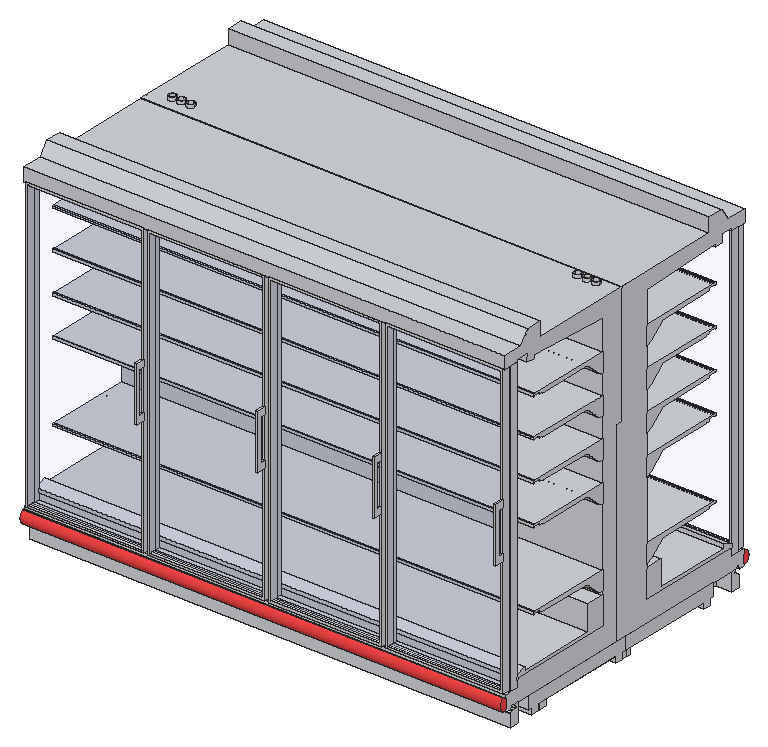
Revit family
Parameters (values of type "RLTI-4")
  URL = "www.hussmann.com"
  Model = "RLTI-4"
  Manufacturer = "HUSSMANN CORP"
  Description = "4-Door Reach-in Low Temp Island Case"
  Bumper Rail = none
  208v Elect. Def. Htrs. #2 = 15.4 A
  208v Elect. Def. Htrs. #1 = 15.4 A
  120v Lights (LED) #2 = 0.9 A
  120v Lights (LED) #1 = 0.9 A
  120v EE Fans (MCA) #2 = 8.13 A
  120v EE Fans (MCA) #1 = 8.13 A
  120v Drain Htrs.#2 = 2 A
  120v Drain Htrs.#1 = 2 A
Reference planes (in)
  plane 1 "Center (Front/Back)": y = 0
  plane 2: z = 0
  plane 3 "Center (Left/Right)": x = 0
  plane 4: x = 62
  plane 5: y = -39.57714
  plane 6: z = 4.75
  plane 7: x = 31
  plane 8: x = 30.5
  plane 9: x = 31.5
  plane 10: x = 0.5
  plane 11: x = 61.5
  plane 12: z = 82.75017
  plane 13: z = 8.25017
  plane 14: x = 30
  plane 15: x = 32
  plane 16: x = 1
  plane 17: x = 61
  plane 18: z = 8.75017
  plane 19: z = 82.25017
  plane 20: y = -38.32714
  plane 21: y = -36.45214
  plane 22: y = -40.6155
  plane 23: z = 89.00011
  plane 24: z = 86.00442
  plane 25: x = 122.875
  plane 26: x = 91.87738
  plane 27: x = 91.37738
  plane 28: x = 90.87738
  plane 29: y = 39.57714
  plane 30: y = 38.32714
  plane 31: y = 36.45214
  plane 32: y = 40.6155
Forms (in)
  Extrusion 1, solid
    sketch origin (0, 0, 0) x (0, 1, 0) y (0, 0, 1)
      loop
        line (-30.75, 4.75) -> (-30.75, 1.556) -> (-29.691, 1.556) -> (-29.691, 0) -> (-27.799, 0) -> (-27.799, 1.556) -> (-2.895, 1.556) -> (-2.895, 0) -> (-1.003, 0) -> (-1.003, 1.556) -> (0, 1.556) -> (0, 4.75) -> (-30.75, 4.75)
    from 0 to 122.875
  Extrusion 2, solid
    sketch origin (122.875, -27.15671, 0) x (0, -1, 0) y (0, 0, 1)
      loop
        line (-65.19421, 8.25017) -> (-65.19421, 4.265) -> (-63.93181, 4.265) -> (-63.30681, 5.34753) -> (-62.27185, 4.75) -> (-24.59421, 4.75) -> (-24.59421, 54.406) -> (-26.22021, 54.406) -> (-26.22021, 85.375) -> (-54.22021, 85.375) -> (-54.22021, 89.00011) -> (-58.21441, 89.00011) -> (-60.31201, 86.00442) -> (-65.47205, 86.00442) -> (-65.47205, 82.75442) -> (-61.50218, 82.75442) -> (-61.50218, 83.34417) -> (-58.16, 83.34417) -> (-58.2499, 81.38621) -> (-56.252, 81.29448) -> (-56.21791, 82.03699) -> (-34.24106, 81.02795) -> (-34.24106, 10.27795) -> (-61.24106, 10.27795) -> (-61.24106, 9.94983) -> (-61.58218, 9.94983) -> (-61.58218, 8.25017) -> (-65.19421, 8.25017)
    from 0 to 122.875
  Extrusion 3, solid
    sketch origin (122.875, -2.5625, 0) x (-1, 0, 0) y (0, -1, 0)
      loop
        line (4, -36.707) -> (10, -36.707) -> (10, -35.86) -> (9, -35.86) -> (9, -30.528) -> (10, -30.528) -> (10, -29.778) -> (4, -29.778) -> (4, -30.528) -> (5, -30.528) -> (5, -35.86) -> (4, -35.86) -> (4, -36.707)
      loop
        line (113, -36.707) -> (119, -36.707) -> (119, -35.86) -> (118, -35.86) -> (118, -30.528) -> (119, -30.528) -> (119, -29.778) -> (113, -29.778) -> (113, -30.528) -> (114, -30.528) -> (114, -35.86) -> (113, -35.86) -> (113, -36.707)
      loop
        line (82.4375, -36.707) -> (88.4375, -36.707) -> (88.4375, -35.86) -> (87.4375, -35.86) -> (87.4375, -30.528) -> (88.4375, -30.528) -> (88.4375, -29.778) -> (82.4375, -29.778) -> (82.4375, -30.528) -> (83.4375, -30.528) -> (83.4375, -35.86) -> (82.4375, -35.86) -> (82.4375, -36.707)
      loop
        line (34.4375, -36.707) -> (40.4375, -36.707) -> (40.4375, -35.86) -> (39.4375, -35.86) -> (39.4375, -30.528) -> (40.4375, -30.528) -> (40.4375, -29.778) -> (34.4375, -29.778) -> (34.4375, -30.528) -> (35.4375, -30.528) -> (35.4375, -35.86) -> (34.4375, -35.86) -> (34.4375, -36.707)
    from 0 to 4.639
  Extrusion 4, solid
    sketch origin (122.875, -27.15671, 0) x (0, -1, 0) y (0, 0, 1)
      loop
        line (-62.27185, 4.75) -> (-62.06521, 3.6869) -> (-62.74205, 3.6869) -> (-62.82224, 3.548) -> (-63.386, 3.34281) -> (-63.59421, 3.02219) -> (-63.59421, 0) -> (-61.30121, 0) -> (-61.30121, 4.75) -> (-62.27185, 4.75)
    from 0 to 122.875
  Extrusion 5, solid
    sketch origin (122.875, -27.15671, 0) x (0, -1, 0) y (0, 0, 1)
      loop
        line (-55.34421, 4.75) -> (-55.34421, 1.556) -> (-54.28521, 1.556) -> (-54.28521, 0) -> (-52.39321, 0) -> (-52.39321, 1.556) -> (-27.48921, 1.556) -> (-27.48921, 0) -> (-25.59721, 0) -> (-25.59721, 1.556) -> (-24.59421, 1.556) -> (-24.59421, 4.75) -> (-55.34421, 4.75)
    from 0 to 122.875
  Extrusion 6, solid
    sketch origin (122.875, -27.15671, 0) x (0, -1, 0) y (0, 0, 1)
      loop
        line (-34.24106, 10.27795) -> (-34.24106, 17.37517) -> (-38.88271, 17.37517) -> (-38.88271, 10.94933) -> (-59.05018, 10.94933) -> (-59.05018, 11.95641) -> (-61.60145, 10.94933) -> (-61.60145, 9.94933) -> (-61.23201, 9.94933) -> (-61.23201, 10.27795) -> (-34.24106, 10.27795)
    from 0 to 122.875
  Extrusion 7, solid
    sketch origin (122.875, -27.15671, 0) x (0, -1, 0) y (0, 0, 1)
      loop
        line (-34.24106, 23.17405) -> (-56.02401, 23.17405) -> (-56.02401, 23.3192) -> (-56.25771, 23.21022) -> (-56.25771, 22.58599) -> (-55.88546, 22.8665) -> (-55.70561, 22.74057) -> (-54.10407, 22.74057) -> (-54.10407, 22.24057) -> (-53.23342, 22.21017) -> (-53.23342, 22.11574) -> (-39.36068, 22.11574) -> (-35.58812, 18.8565) -> (-34.60082, 18.37496) -> (-34.24106, 18.37496) -> (-34.24106, 23.17405)
      loop
        line (-34.24106, 43.17405) -> (-56.02401, 43.17405) -> (-56.02401, 43.3192) -> (-56.25771, 43.21022) -> (-56.25771, 42.58599) -> (-55.88546, 42.8665) -> (-55.70561, 42.74057) -> (-54.10407, 42.74057) -> (-54.10407, 42.24057) -> (-53.23342, 42.21017) -> (-53.23342, 42.11574) -> (-39.36068, 42.11574) -> (-35.58812, 38.8565) -> (-34.60082, 38.37496) -> (-34.24106, 38.37496) -> (-34.24106, 43.17405)
      loop
        line (-34.24106, 53.17405) -> (-56.02401, 53.17405) -> (-56.02401, 53.3192) -> (-56.25771, 53.21022) -> (-56.25771, 52.58599) -> (-55.88546, 52.8665) -> (-55.70561, 52.74057) -> (-54.10407, 52.74057) -> (-54.10407, 52.24057) -> (-53.23342, 52.21017) -> (-53.23342, 52.11574) -> (-39.36068, 52.11574) -> (-35.58812, 48.8565) -> (-34.60082, 48.37496) -> (-34.24106, 48.37496) -> (-34.24106, 53.17405)
      loop
        line (-34.24106, 63.17405) -> (-56.02401, 63.17405) -> (-56.02401, 63.3192) -> (-56.25771, 63.21022) -> (-56.25771, 62.58599) -> (-55.88546, 62.8665) -> (-55.70561, 62.74057) -> (-54.10407, 62.74057) -> (-54.10407, 62.24057) -> (-53.23342, 62.21017) -> (-53.23342, 62.11574) -> (-39.36068, 62.11574) -> (-35.58812, 58.8565) -> (-34.60082, 58.37496) -> (-34.24106, 58.37496) -> (-34.24106, 63.17405)
      loop
        line (-34.24106, 73.17405) -> (-56.02401, 73.17405) -> (-56.02401, 73.3192) -> (-56.25771, 73.21022) -> (-56.25771, 72.58599) -> (-55.88546, 72.8665) -> (-55.70561, 72.74057) -> (-54.10407, 72.74057) -> (-54.10407, 72.24057) -> (-53.23342, 72.21017) -> (-53.23342, 72.11574) -> (-39.36068, 72.11574) -> (-35.58812, 68.8565) -> (-34.60082, 68.37496) -> (-34.24106, 68.37496) -> (-34.24106, 73.17405)
    from 0 to 122.875
  Extrusion 8, solid, material "Render Material 255-0-0"
    sketch origin (122.875, -27.15671, 0) x (0, -1, 0) y (0, 0, 1)
      loop
        line (-65.19421, 7.23837) -> (-65.66704, 7.7112) -> (-65.98665, 7.7112)
        arc (-65.98665, 7.7112) -> (-66.73385, 6.12628) -> (-65.98665, 4.54135) r 2.05454
        line (-65.98665, 4.54135) -> (-65.66829, 4.54135) -> (-65.19421, 5.01543) -> (-65.19421, 7.23837)
    from 0 to 122.875
  Extrusion 9, solid
    sketch origin (122.875, -27.15671, 0) x (0, -1, 0) y (0, 0, 1)
      loop
        line (-63.48711, 82.75442) -> (-63.48711, 8.25017) -> (-61.58218, 8.25017) -> (-61.58218, 82.75442) -> (-63.48711, 82.75442)
    from 0 to 0.5
  Extrusion 10, solid
    sketch origin (92.375, -2.46743, 0) x (0, -1, 0) y (0, 0, 1)
      loop
        line (-38.8929, 82.75442) -> (-38.8929, 8.25017) -> (-36.98797, 8.25017) -> (-36.98797, 82.75442) -> (-38.8929, 82.75442)
    from 0 to 1
  Extrusion 11, solid
    sketch origin (122.875, -2.5625, 0) x (-1, 0, 0) y (0, 0, 1)
      loop
        line (0.5, 8.25017) -> (30.5, 8.25017) -> (30.5, 82.75442) -> (0.5, 82.75442) -> (0.5, 8.25017)
      loop
        line (1, 8.75017) -> (30, 8.75017) -> (30, 82.25017) -> (1, 82.25017) -> (1, 8.75017)
    from 39 to 40.87784
  Extrusion 12, solid, material "Glass"
    sketch origin (122.875, -2.5625, 0) x (-1, 0, 0) y (0, 0, 1)
      loop
        line (1, 8.75017) -> (30, 8.75017) -> (30, 82.25017) -> (1, 82.25017) -> (1, 8.75017)
    from 39.65088 to 40.28076
  Extrusion 13, solid
    sketch origin (91.875, -2.5625, 0) x (-1, 0, 0) y (0, 0, 1)
      loop
        line (0.5, 8.25017) -> (30.5, 8.25017) -> (30.5, 82.75442) -> (0.5, 82.75442) -> (0.5, 8.25017)
      loop
        line (1, 8.75017) -> (30, 8.75017) -> (30, 82.25017) -> (1, 82.25017) -> (1, 8.75017)
    from 39 to 40.87784
  Extrusion 14, solid, material "Glass"
    sketch origin (91.875, -2.5625, 0) x (-1, 0, 0) y (0, 0, 1)
      loop
        line (1, 8.75017) -> (30, 8.75017) -> (30, 82.25017) -> (1, 82.25017) -> (1, 8.75017)
    from 39.65088 to 40.28076
  Extrusion 15, solid
    sketch origin (122.875, -27.15671, 0) x (0, -1, 0) y (0, 0, 1)
      loop
        line (-65.46921, 52.65143) -> (-67.75758, 52.65143) -> (-67.75758, 38.65143) -> (-65.47205, 38.65143) -> (-65.47205, 40.40143) -> (-66.85612, 40.40143) -> (-66.85612, 50.90143) -> (-65.46921, 50.90143) -> (-65.46921, 52.65143)
    from 30 to 30.5
  Extrusion 16, solid
    sketch origin (84.375, -2.5625, 0) x (-1, 0, 0) y (0, -1, 0)
      loop
        circle (38.125, -34.62535) r 0.625
      loop
        circle (38.125, -34.62535) r 0.5578
    from 3.875 to 4.75
  Extrusion 17, solid
    sketch origin (62, -2.5625, 0) x (-1, 0, 0) y (0, -1, 0)
      loop
        circle (57.125, -5.5) r 0.9375
      loop
        circle (57.125, -5.5) r 0.84894
    from 85.375 to 86.00442
  Extrusion 18, solid
    sketch origin (64.375, -2.5625, 0) x (-1, 0, 0) y (0, -1, 0)
      loop
        circle (57.125, -5.5) r 0.9375
      loop
        circle (57.125, -5.5) r 0.84894
    from 85.375 to 86.00442
  Extrusion 19, solid
    sketch origin (66.75, -2.5625, 0) x (-1, 0, 0) y (0, -1, 0)
      loop
        circle (57.125, -5.5) r 0.9375
      loop
        circle (57.125, -5.5) r 0.84894
    from 85.36717 to 86
  Extrusion 20, solid
    sketch origin (115.625, -0.8125, 0) x (-1, 0, 0) y (0, -1, 0)
      loop
        circle (2.75, -29.626) r 0.5
      loop
        circle (2.75, -29.626) r 0.47014
    from 3.875 to 4.75
  Extrusion 21, solid
    sketch origin (113.125, -0.8125, 0) x (-1, 0, 0) y (0, -1, 0)
      loop
        circle (2.75, -29.626) r 0.5
      loop
        circle (2.75, -29.626) r 0.47014
    from 3.875 to 4.75
  Extrusion 22, solid
    sketch origin (110.625, -0.8125, 0) x (-1, 0, 0) y (0, -1, 0)
      loop
        circle (2.75, -29.626) r 0.5
      loop
        circle (2.75, -29.626) r 0.47014
    from 3.875 to 4.75
  Extrusion 23, solid
    sketch origin (0.5, -2.5256, 0) x (0, -1, 0) y (0, 0, 1)
      loop
        line (-38.8929, 82.75442) -> (-38.8929, 8.25017) -> (-36.98797, 8.25017) -> (-36.98797, 82.75442) -> (-38.8929, 82.75442)
    from 0 to 0.5
  Extrusion 24, solid
    sketch origin (31, -2.5625, 0) x (-1, 0, 0) y (0, 0, 1)
      loop
        line (0.5, 8.25017) -> (30.5, 8.25017) -> (30.5, 82.75442) -> (0.5, 82.75442) -> (0.5, 8.25017)
      loop
        line (1, 8.75017) -> (30, 8.75017) -> (30, 82.25017) -> (1, 82.25017) -> (1, 8.75017)
    from 39 to 40.87784
  Extrusion 25, solid, material "Glass"
    sketch origin (31, -2.5625, 0) x (-1, 0, 0) y (0, 0, 1)
      loop
        line (1, 8.75017) -> (30, 8.75017) -> (30, 82.25017) -> (1, 82.25017) -> (1, 8.75017)
    from 39.65088 to 40.28076
  Extrusion 26, solid
    sketch origin (62, -2.59803, 0) x (0, -1, 0) y (0, 0, 1)
      loop
        line (-40.875, 52.65143) -> (-43.16337, 52.65143) -> (-43.16337, 38.65143) -> (-40.87784, 38.65143) -> (-40.87784, 40.40143) -> (-42.26191, 40.40143) -> (-42.26191, 50.90143) -> (-40.875, 50.90143) -> (-40.875, 52.65143)
    from 30 to 30.5
  Extrusion 27, solid
    sketch origin (61.375, -2.46743, 0) x (0, -1, 0) y (0, 0, 1)
      loop
        line (-38.8929, 82.75442) -> (-38.8929, 8.25017) -> (-36.98797, 8.25017) -> (-36.98797, 82.75442) -> (-38.8929, 82.75442)
    from 0 to 1
  Extrusion 28, solid
    sketch origin (60.875, -2.5625, 0) x (-1, 0, 0) y (0, 0, 1)
      loop
        line (0.5, 8.25017) -> (29.37738, 8.25017) -> (29.37738, 82.75442) -> (0.5, 82.75442) -> (0.5, 8.25017)
      loop
        line (1, 8.75017) -> (28.87738, 8.75017) -> (28.87738, 82.25017) -> (1, 82.25017) -> (1, 8.75017)
    from 39 to 40.87784
  Extrusion 29, solid, material "Glass"
    sketch origin (60.875, -2.5625, 0) x (-1, 0, 0) y (0, 0, 1)
      loop
        line (1, 8.75017) -> (28.87738, 8.75017) -> (28.87738, 82.25017) -> (1, 82.25017) -> (1, 8.75017)
    from 39.65088 to 40.28076
  Extrusion 30, solid
    sketch origin (91.875, -2.59803, 0) x (0, -1, 0) y (0, 0, 1)
      loop
        line (-40.875, 52.65143) -> (-43.16337, 52.65143) -> (-43.16337, 38.65143) -> (-40.87784, 38.65143) -> (-40.87784, 40.40143) -> (-42.26191, 40.40143) -> (-42.26191, 50.90143) -> (-40.875, 50.90143) -> (-40.875, 52.65143)
    from 30 to 30.5
  Extrusion 31, solid
    sketch origin (31.49762, -2.0676, 0) x (0, -1, 0) y (0, 0, 1)
      loop
        line (-38.8929, 82.75442) -> (-38.8929, 8.25017) -> (-36.98797, 8.25017) -> (-36.98797, 82.75442) -> (-38.8929, 82.75442)
    from 0 to 1
  Extrusion 32, solid
    sketch origin (31, -2.59803, 0) x (0, -1, 0) y (0, 0, 1)
      loop
        line (-40.875, 52.65143) -> (-43.16337, 52.65143) -> (-43.16337, 38.65143) -> (-40.87784, 38.65143) -> (-40.87784, 40.40143) -> (-42.26191, 40.40143) -> (-42.26191, 50.90143) -> (-40.875, 50.90143) -> (-40.875, 52.65143)
    from 30 to 30.5
  Extrusion 33, solid
    sketch origin (0, 2.5625, 0) x (0, 1, 0) y (0, 0, 1)
      loop
        line (-40.6, 8.25017) -> (-40.6, 4.265) -> (-39.3376, 4.265) -> (-38.7126, 5.34753) -> (-37.67764, 4.75) -> (0, 4.75) -> (0, 54.406) -> (-1.626, 54.406) -> (-1.626, 85.375) -> (-29.626, 85.375) -> (-29.626, 89.00011) -> (-33.6202, 89.00011) -> (-35.7178, 86.00442) -> (-40.87784, 86.00442) -> (-40.87784, 82.75442) -> (-36.90797, 82.75442) -> (-36.90797, 83.34417) -> (-33.56579, 83.34417) -> (-33.65569, 81.38621) -> (-31.65779, 81.29448) -> (-31.6237, 82.03699) -> (-9.64685, 81.02795) -> (-9.64685, 10.27795) -> (-36.64685, 10.27795) -> (-36.64685, 9.94983) -> (-36.98797, 9.94983) -> (-36.98797, 8.25017) -> (-40.6, 8.25017)
    from 0 to 122.875
  Extrusion 34, solid
    sketch origin (0, 2.5625, 0) x (1, 0, 0) y (0, 1, 0)
      loop
        line (4, -36.707) -> (10, -36.707) -> (10, -35.86) -> (9, -35.86) -> (9, -30.528) -> (10, -30.528) -> (10, -29.778) -> (4, -29.778) -> (4, -30.528) -> (5, -30.528) -> (5, -35.86) -> (4, -35.86) -> (4, -36.707)
      loop
        line (113, -36.707) -> (119, -36.707) -> (119, -35.86) -> (118, -35.86) -> (118, -30.528) -> (119, -30.528) -> (119, -29.778) -> (113, -29.778) -> (113, -30.528) -> (114, -30.528) -> (114, -35.86) -> (113, -35.86) -> (113, -36.707)
      loop
        line (82.4375, -36.707) -> (88.4375, -36.707) -> (88.4375, -35.86) -> (87.4375, -35.86) -> (87.4375, -30.528) -> (88.4375, -30.528) -> (88.4375, -29.778) -> (82.4375, -29.778) -> (82.4375, -30.528) -> (83.4375, -30.528) -> (83.4375, -35.86) -> (82.4375, -35.86) -> (82.4375, -36.707)
      loop
        line (34.4375, -36.707) -> (40.4375, -36.707) -> (40.4375, -35.86) -> (39.4375, -35.86) -> (39.4375, -30.528) -> (40.4375, -30.528) -> (40.4375, -29.778) -> (34.4375, -29.778) -> (34.4375, -30.528) -> (35.4375, -30.528) -> (35.4375, -35.86) -> (34.4375, -35.86) -> (34.4375, -36.707)
    from 0 to 4.639
  Extrusion 35, solid
    sketch origin (0, 2.5625, 0) x (0, 1, 0) y (0, 0, 1)
      loop
        line (-37.67764, 4.75) -> (-37.471, 3.6869) -> (-38.14784, 3.6869) -> (-38.22804, 3.548) -> (-38.79179, 3.34281) -> (-39, 3.02219) -> (-39, 0) -> (-36.707, 0) -> (-36.707, 4.75) -> (-37.67764, 4.75)
    from 0 to 122.875
  Extrusion 36, solid
    sketch origin (0, 2.5625, 0) x (0, 1, 0) y (0, 0, 1)
      loop
        line (-30.75, 4.75) -> (-30.75, 1.556) -> (-29.691, 1.556) -> (-29.691, 0) -> (-27.799, 0) -> (-27.799, 1.556) -> (-2.895, 1.556) -> (-2.895, 0) -> (-1.003, 0) -> (-1.003, 1.556) -> (0, 1.556) -> (0, 4.75) -> (-30.75, 4.75)
    from 0 to 122.875
  Extrusion 37, solid
    sketch origin (0, 2.5625, 0) x (0, 1, 0) y (0, 0, 1)
      loop
        line (-9.64685, 10.27795) -> (-9.64685, 17.37517) -> (-14.2885, 17.37517) -> (-14.2885, 10.94933) -> (-34.45597, 10.94933) -> (-34.45597, 11.95641) -> (-37.00724, 10.94933) -> (-37.00724, 9.94933) -> (-36.6378, 9.94933) -> (-36.6378, 10.27795) -> (-9.64685, 10.27795)
    from 0 to 122.875
  Extrusion 38, solid
    sketch origin (0, 2.5625, 0) x (0, 1, 0) y (0, 0, 1)
      loop
        line (-9.64685, 23.17405) -> (-31.4298, 23.17405) -> (-31.4298, 23.3192) -> (-31.6635, 23.21022) -> (-31.6635, 22.58599) -> (-31.29125, 22.8665) -> (-31.11141, 22.74057) -> (-29.50986, 22.74057) -> (-29.50986, 22.24057) -> (-28.63922, 22.21017) -> (-28.63922, 22.11574) -> (-14.76647, 22.11574) -> (-10.99391, 18.8565) -> (-10.00662, 18.37496) -> (-9.64685, 18.37496) -> (-9.64685, 23.17405)
      loop
        line (-9.64685, 43.17405) -> (-31.4298, 43.17405) -> (-31.4298, 43.3192) -> (-31.6635, 43.21022) -> (-31.6635, 42.58599) -> (-31.29125, 42.8665) -> (-31.11141, 42.74057) -> (-29.50986, 42.74057) -> (-29.50986, 42.24057) -> (-28.63922, 42.21017) -> (-28.63922, 42.11574) -> (-14.76647, 42.11574) -> (-10.99391, 38.8565) -> (-10.00662, 38.37496) -> (-9.64685, 38.37496) -> (-9.64685, 43.17405)
      loop
        line (-9.64685, 53.17405) -> (-31.4298, 53.17405) -> (-31.4298, 53.3192) -> (-31.6635, 53.21022) -> (-31.6635, 52.58599) -> (-31.29125, 52.8665) -> (-31.11141, 52.74057) -> (-29.50986, 52.74057) -> (-29.50986, 52.24057) -> (-28.63922, 52.21017) -> (-28.63922, 52.11574) -> (-14.76647, 52.11574) -> (-10.99391, 48.8565) -> (-10.00662, 48.37496) -> (-9.64685, 48.37496) -> (-9.64685, 53.17405)
      loop
        line (-9.64685, 63.17405) -> (-31.4298, 63.17405) -> (-31.4298, 63.3192) -> (-31.6635, 63.21022) -> (-31.6635, 62.58599) -> (-31.29125, 62.8665) -> (-31.11141, 62.74057) -> (-29.50986, 62.74057) -> (-29.50986, 62.24057) -> (-28.63922, 62.21017) -> (-28.63922, 62.11574) -> (-14.76647, 62.11574) -> (-10.99391, 58.8565) -> (-10.00662, 58.37496) -> (-9.64685, 58.37496) -> (-9.64685, 63.17405)
      loop
        line (-9.64685, 73.17405) -> (-31.4298, 73.17405) -> (-31.4298, 73.3192) -> (-31.6635, 73.21022) -> (-31.6635, 72.58599) -> (-31.29125, 72.8665) -> (-31.11141, 72.74057) -> (-29.50986, 72.74057) -> (-29.50986, 72.24057) -> (-28.63922, 72.21017) -> (-28.63922, 72.11574) -> (-14.76647, 72.11574) -> (-10.99391, 68.8565) -> (-10.00662, 68.37496) -> (-9.64685, 68.37496) -> (-9.64685, 73.17405)
    from 0 to 122.875
  Extrusion 39, solid, material "Render Material 255-0-0"
    sketch origin (0, 2.5625, 0) x (0, 1, 0) y (0, 0, 1)
      loop
        line (-40.6, 7.23837) -> (-41.07283, 7.7112) -> (-41.39244, 7.7112)
        arc (-41.39244, 7.7112) -> (-42.13964, 6.12628) -> (-41.39244, 4.54135) r 2.05454
        line (-41.39244, 4.54135) -> (-41.07408, 4.54135) -> (-40.6, 5.01543) -> (-40.6, 7.23837)
    from 0 to 122.875
  Extrusion 40, solid
    sketch origin (0, 2.5625, 0) x (0, 1, 0) y (0, 0, 1)
      loop
        line (-38.8929, 82.75442) -> (-38.8929, 8.25017) -> (-36.98797, 8.25017) -> (-36.98797, 82.75442) -> (-38.8929, 82.75442)
    from 0 to 0.5
  Extrusion 41, solid
    sketch origin (30.5, 2.46743, 0) x (0, 1, 0) y (0, 0, 1)
      loop
        line (-38.8929, 82.75442) -> (-38.8929, 8.25017) -> (-36.98797, 8.25017) -> (-36.98797, 82.75442) -> (-38.8929, 82.75442)
    from 0 to 1
  Extrusion 42, solid
    sketch origin (0, 2.5625, 0) x (1, 0, 0) y (0, 0, 1)
      loop
        line (0.5, 8.25017) -> (30.5, 8.25017) -> (30.5, 82.75442) -> (0.5, 82.75442) -> (0.5, 8.25017)
      loop
        line (1, 8.75017) -> (30, 8.75017) -> (30, 82.25017) -> (1, 82.25017) -> (1, 8.75017)
    from 39 to 40.87784
  Extrusion 43, solid, material "Glass"
    sketch origin (0, 2.5625, 0) x (1, 0, 0) y (0, 0, 1)
      loop
        line (1, 8.75017) -> (30, 8.75017) -> (30, 82.25017) -> (1, 82.25017) -> (1, 8.75017)
    from 39.65088 to 40.28076
  Extrusion 44, solid
    sketch origin (31, 2.5625, 0) x (1, 0, 0) y (0, 0, 1)
      loop
        line (0.5, 8.25017) -> (30.5, 8.25017) -> (30.5, 82.75442) -> (0.5, 82.75442) -> (0.5, 8.25017)
      loop
        line (1, 8.75017) -> (30, 8.75017) -> (30, 82.25017) -> (1, 82.25017) -> (1, 8.75017)
    from 39 to 40.87784
  Extrusion 45, solid, material "Glass"
    sketch origin (31, 2.5625, 0) x (1, 0, 0) y (0, 0, 1)
      loop
        line (1, 8.75017) -> (30, 8.75017) -> (30, 82.25017) -> (1, 82.25017) -> (1, 8.75017)
    from 39.65088 to 40.28076
  Extrusion 46, solid
    sketch origin (0, 2.5625, 0) x (0, 1, 0) y (0, 0, 1)
      loop
        line (-40.875, 52.65143) -> (-43.16337, 52.65143) -> (-43.16337, 38.65143) -> (-40.87784, 38.65143) -> (-40.87784, 40.40143) -> (-42.26191, 40.40143) -> (-42.26191, 50.90143) -> (-40.875, 50.90143) -> (-40.875, 52.65143)
    from 30 to 30.5
  Extrusion 47, solid
    sketch origin (38.5, 2.5625, 0) x (1, 0, 0) y (0, 1, 0)
      loop
        circle (38.125, -34.62535) r 0.625
      loop
        circle (38.125, -34.62535) r 0.5578
    from 3.875 to 4.75
  Extrusion 48, solid
    sketch origin (60.875, 2.5625, 0) x (1, 0, 0) y (0, 1, 0)
      loop
        circle (57.125, -5.5) r 0.9375
      loop
        circle (57.125, -5.5) r 0.84894
    from 85.375 to 86.00442
  Extrusion 49, solid
    sketch origin (58.5, 2.5625, 0) x (1, 0, 0) y (0, 1, 0)
      loop
        circle (57.125, -5.5) r 0.9375
      loop
        circle (57.125, -5.5) r 0.84894
    from 85.375 to 86.00442
  Extrusion 50, solid
    sketch origin (56.125, 2.5625, 0) x (1, 0, 0) y (0, 1, 0)
      loop
        circle (57.125, -5.5) r 0.9375
      loop
        circle (57.125, -5.5) r 0.84894
    from 85.36717 to 86
  Extrusion 51, solid
    sketch origin (7.25, 0.8125, 0) x (1, 0, 0) y (0, 1, 0)
      loop
        circle (2.75, -29.626) r 0.5
      loop
        circle (2.75, -29.626) r 0.47014
    from 3.875 to 4.75
  Extrusion 52, solid
    sketch origin (9.75, 0.8125, 0) x (1, 0, 0) y (0, 1, 0)
      loop
        circle (2.75, -29.626) r 0.5
      loop
        circle (2.75, -29.626) r 0.47014
    from 3.875 to 4.75
  Extrusion 53, solid
    sketch origin (12.25, 0.8125, 0) x (1, 0, 0) y (0, 1, 0)
      loop
        circle (2.75, -29.626) r 0.5
      loop
        circle (2.75, -29.626) r 0.47014
    from 3.875 to 4.75
  Extrusion 54, solid
    sketch origin (105.125, 0.8125, 0) x (1, 0, 0) y (0, 1, 0)
      loop
        circle (2.75, -29.626) r 0.5
      loop
        circle (2.75, -29.626) r 0.47014
    from 3.875 to 4.75
  Extrusion 55, solid
    sketch origin (107.625, 0.8125, 0) x (1, 0, 0) y (0, 1, 0)
      loop
        circle (2.75, -29.626) r 0.5
      loop
        circle (2.75, -29.626) r 0.47014
    from 3.875 to 4.75
  Extrusion 56, solid
    sketch origin (110.125, 0.8125, 0) x (1, 0, 0) y (0, 1, 0)
      loop
        circle (2.75, -29.626) r 0.5
      loop
        circle (2.75, -29.626) r 0.47014
    from 3.875 to 4.75
  Extrusion 57, solid
    sketch origin (122.375, 2.5256, 0) x (0, 1, 0) y (0, 0, 1)
      loop
        line (-38.8929, 82.75442) -> (-38.8929, 8.25017) -> (-36.98797, 8.25017) -> (-36.98797, 82.75442) -> (-38.8929, 82.75442)
    from 0 to 0.5
  Extrusion 58, solid
    sketch origin (91.875, 2.5625, 0) x (1, 0, 0) y (0, 0, 1)
      loop
        line (0.5, 8.25017) -> (30.5, 8.25017) -> (30.5, 82.75442) -> (0.5, 82.75442) -> (0.5, 8.25017)
      loop
        line (1, 8.75017) -> (30, 8.75017) -> (30, 82.25017) -> (1, 82.25017) -> (1, 8.75017)
    from 39 to 40.87784
  Extrusion 59, solid, material "Glass"
    sketch origin (91.875, 2.5625, 0) x (1, 0, 0) y (0, 0, 1)
      loop
        line (1, 8.75017) -> (30, 8.75017) -> (30, 82.25017) -> (1, 82.25017) -> (1, 8.75017)
    from 39.65088 to 40.28076
  Extrusion 60, solid
    sketch origin (60.875, 2.59803, 0) x (0, 1, 0) y (0, 0, 1)
      loop
        line (-40.875, 52.65143) -> (-43.16337, 52.65143) -> (-43.16337, 38.65143) -> (-40.87784, 38.65143) -> (-40.87784, 40.40143) -> (-42.26191, 40.40143) -> (-42.26191, 50.90143) -> (-40.875, 50.90143) -> (-40.875, 52.65143)
    from 30 to 30.5
  Extrusion 61, solid
    sketch origin (61.5, 2.46743, 0) x (0, 1, 0) y (0, 0, 1)
      loop
        line (-38.8929, 82.75442) -> (-38.8929, 8.25017) -> (-36.98797, 8.25017) -> (-36.98797, 82.75442) -> (-38.8929, 82.75442)
    from 0 to 1
  Extrusion 62, solid
    sketch origin (62, 2.5625, 0) x (1, 0, 0) y (0, 0, 1)
      loop
        line (0.5, 8.25017) -> (29.37738, 8.25017) -> (29.37738, 82.75442) -> (0.5, 82.75442) -> (0.5, 8.25017)
      loop
        line (1, 8.75017) -> (28.87738, 8.75017) -> (28.87738, 82.25017) -> (1, 82.25017) -> (1, 8.75017)
    from 39 to 40.87784
  Extrusion 63, solid, material "Glass"
    sketch origin (62, 2.5625, 0) x (1, 0, 0) y (0, 0, 1)
      loop
        line (1, 8.75017) -> (28.87738, 8.75017) -> (28.87738, 82.25017) -> (1, 82.25017) -> (1, 8.75017)
    from 39.65088 to 40.28076
  Extrusion 64, solid
    sketch origin (31, 2.59803, 0) x (0, 1, 0) y (0, 0, 1)
      loop
        line (-40.875, 52.65143) -> (-43.16337, 52.65143) -> (-43.16337, 38.65143) -> (-40.87784, 38.65143) -> (-40.87784, 40.40143) -> (-42.26191, 40.40143) -> (-42.26191, 50.90143) -> (-40.875, 50.90143) -> (-40.875, 52.65143)
    from 30 to 30.5
  Extrusion 65, solid
    sketch origin (91.37738, 2.0676, 0) x (0, 1, 0) y (0, 0, 1)
      loop
        line (-38.8929, 82.75442) -> (-38.8929, 8.25017) -> (-36.98797, 8.25017) -> (-36.98797, 82.75442) -> (-38.8929, 82.75442)
    from 0 to 1
  Extrusion 66, solid
    sketch origin (91.875, 2.59803, 0) x (0, 1, 0) y (0, 0, 1)
      loop
        line (-40.875, 52.65143) -> (-43.16337, 52.65143) -> (-43.16337, 38.65143) -> (-40.87784, 38.65143) -> (-40.87784, 40.40143) -> (-42.26191, 40.40143) -> (-42.26191, 50.90143) -> (-40.875, 50.90143) -> (-40.875, 52.65143)
    from 30 to 30.5
Dimensions and locks (in)
  plane 20 to plane 1 "Center (Front/Back)" = 3' - 2.32714"
  plane 21 to plane 1 "Center (Front/Back)" = 3' - 0.45214"
  plane 5 to plane 1 "Center (Front/Back)" = 3' - 3.57714"
  plane 24 to level = 7' - 2.00442"
  plane 23 to level = 7' - 5.00011"
  plane 3 "Center (Left/Right)" to plane 25 = 10' - 2 7/8"
  plane 5 to plane 29 = 6' - 7.15427"  (x2)
  plane 20 to plane 30 = 6' - 4.65427"
  aligned and locked: Extrusion 9 sketch curve to Extrusion 2  (x2)
  aligned and locked: Extrusion 9 to Extrusion 11 sketch curve  (x2)
  aligned and locked: Extrusion 11 sketch curve to Extrusion 10  (x2)
  aligned and locked: Extrusion 11 to Extrusion 2
  aligned and locked: Extrusion 12 sketch curve to Extrusion 11  (x3)
  aligned and locked: Extrusion 11 to Extrusion 12 sketch curve
  aligned and locked: Extrusion 14 sketch curve to Extrusion 13  (x3)
  aligned and locked: Extrusion 13 to Extrusion 14 sketch curve
  aligned and locked: Extrusion 25 sketch curve to Extrusion 24  (x3)
  aligned and locked: Extrusion 24 to Extrusion 25 sketch curve
  aligned and locked: Extrusion 29 sketch curve to Extrusion 28  (x3)
  aligned and locked: Extrusion 28 to Extrusion 29 sketch curve
  aligned and locked: Extrusion 40 sketch curve to Extrusion 33  (x2)
  aligned and locked: Extrusion 40 to Extrusion 42 sketch curve  (x2)
  aligned and locked: Extrusion 42 sketch curve to Extrusion 41  (x2)
  aligned and locked: Extrusion 33 to Extrusion 42
  aligned and locked: Extrusion 43 sketch curve to Extrusion 42  (x3)
  aligned and locked: Extrusion 42 to Extrusion 43 sketch curve
  aligned and locked: Extrusion 45 sketch curve to Extrusion 44  (x3)
  aligned and locked: Extrusion 44 to Extrusion 45 sketch curve
  aligned and locked: Extrusion 59 sketch curve to Extrusion 58  (x3)
  aligned and locked: Extrusion 58 to Extrusion 59 sketch curve
  aligned and locked: Extrusion 63 sketch curve to Extrusion 62  (x3)
  aligned and locked: Extrusion 62 to Extrusion 63 sketch curve
  aligned and locked: Extrusion 33 to Extrusion 1
  aligned and locked: Extrusion 1 to Extrusion 38
  aligned and locked: Extrusion 1 to Extrusion 36
  aligned and locked: Extrusion 39 to Extrusion 1
  aligned and locked: Extrusion 1 to Extrusion 7
  aligned and locked: Extrusion 1 to Extrusion 6
  aligned and locked: Extrusion 1 to Extrusion 2
  aligned and locked: Extrusion 1 to Extrusion 8
Connectors (in)
  piping at (4.875, 2.9375, 85.375)
    settings: on Extrusion 17, index 11, connector radius 7/8", flow factor 0, pipe flow 0 GPM, pressure drop 0.00 psi, fitting loss kfactor 0, connector angle 0.00°, fixture units 0, flow configuration 0, flow direction 2, fitting loss method 0, system type 22, connector reference index -1, connector utility 0, adjustable connector no, is connector primary yes, fitting loss table "", connector description "Refrig. Suction"
  piping at (7.25, 2.9375, 85.375)
    settings: on Extrusion 18, index 12, connector radius 3/8", flow factor 0, pipe flow 0 GPM, pressure drop 0.00 psi, fitting loss kfactor 0, connector angle 0.00°, fixture units 0, flow configuration 0, flow direction 1, fitting loss method 0, system type 22, connector reference index -1, connector utility 0, adjustable connector no, is connector primary no, fitting loss table "", connector description "Refrig. Liquid"
  piping at (9.625, 2.9375, 86)
    settings: on Extrusion 19, index 13, connector radius 7/8", flow factor 0, pipe flow 0 GPM, pressure drop 0.00 psi, fitting loss kfactor 0, connector angle 0.00°, fixture units 0, flow configuration 0, flow direction 1, fitting loss method 0, system type 22, connector reference index -1, connector utility 0, adjustable connector no, is connector primary no, fitting loss table "", connector description "Refrig. Gas"
  electrical at (112.875, 28.8135, 3.875)
    settings: on Extrusion 20, index 14, voltage 208 V, apparent load 0 VA, apparent load phase1 0 VA, apparent load phase2 0 VA, apparent load phase3 0 VA, power factor 1, load classification "Power", number of poles 1, system type 30, power factor state 1, is connector primary yes, connector utility no, sub classification motor no, connector description ""
  electrical at (110.375, 28.8135, 3.875)
    settings: on Extrusion 21, index 15, voltage 120 V, apparent load 0 VA, apparent load phase1 0 VA, apparent load phase2 0 VA, apparent load phase3 0 VA, power factor 1, load classification "Power", number of poles 1, system type 30, power factor state 1, is connector primary no, connector utility no, sub classification motor no, connector description ""
  electrical at (107.875, 28.8135, 3.875)
    settings: on Extrusion 22, index 16, voltage 0 V, apparent load 0 VA, apparent load phase1 0 VA, apparent load phase2 0 VA, apparent load phase3 0 VA, power factor 1, load classification "Other", number of poles 1, system type 13, power factor state 1, is connector primary no, connector utility no, sub classification motor no, connector description ""
  piping at (46.25, 32.06285, 3.875)
    settings: on Extrusion 16, index 20, connector radius 1 1/4", flow factor 0, pipe flow 0 GPM, pressure drop 0.00 psi, fitting loss kfactor 0, connector angle 0.00°, fixture units 0, flow configuration 0, flow direction 2, fitting loss method 0, system type 16, connector reference index -1, connector utility 0, adjustable connector no, is connector primary no, fitting loss table "", connector description ""
  piping at (118, -2.9375, 85.375)
    settings: on Extrusion 48, index 31, connector radius 7/8", flow factor 0, pipe flow 0 GPM, pressure drop 0.00 psi, fitting loss kfactor 0, connector angle 0.00°, fixture units 0, flow configuration 0, flow direction 2, fitting loss method 0, system type 22, connector reference index -1, connector utility 0, adjustable connector no, is connector primary no, fitting loss table "", connector description "Refrig. Suction"
  piping at (115.625, -2.9375, 85.375)
    settings: on Extrusion 49, index 32, connector radius 3/8", flow factor 0, pipe flow 0 GPM, pressure drop 0.00 psi, fitting loss kfactor 0, connector angle 0.00°, fixture units 0, flow configuration 0, flow direction 1, fitting loss method 0, system type 22, connector reference index -1, connector utility 0, adjustable connector no, is connector primary no, fitting loss table "", connector description "Refrig. Liquid"
  piping at (113.25, -2.9375, 86)
    settings: on Extrusion 50, index 33, connector radius 7/8", flow factor 0, pipe flow 0 GPM, pressure drop 0.00 psi, fitting loss kfactor 0, connector angle 0.00°, fixture units 0, flow configuration 0, flow direction 1, fitting loss method 0, system type 22, connector reference index -1, connector utility 0, adjustable connector no, is connector primary no, fitting loss table "", connector description "Refrig. Gas"
  electrical at (10, -28.8135, 3.875)
    settings: on Extrusion 51, index 34, voltage 208 V, apparent load 0 VA, apparent load phase1 0 VA, apparent load phase2 0 VA, apparent load phase3 0 VA, power factor 1, load classification "Power", number of poles 1, system type 30, power factor state 1, is connector primary no, connector utility no, sub classification motor no, connector description ""
  electrical at (12.5, -28.8135, 3.875)
    settings: on Extrusion 52, index 35, voltage 120 V, apparent load 0 VA, apparent load phase1 0 VA, apparent load phase2 0 VA, apparent load phase3 0 VA, power factor 1, load classification "Power", number of poles 1, system type 30, power factor state 1, is connector primary no, connector utility no, sub classification motor no, connector description ""
  electrical at (15, -28.8135, 3.875)
    settings: on Extrusion 53, index 36, voltage 0 V, apparent load 0 VA, apparent load phase1 0 VA, apparent load phase2 0 VA, apparent load phase3 0 VA, power factor 1, load classification "Other", number of poles 1, system type 13, power factor state 1, is connector primary no, connector utility no, sub classification motor no, connector description ""
  piping at (76.625, -32.06285, 3.875)
    settings: on Extrusion 47, index 40, connector radius 1 1/4", flow factor 0, pipe flow 0 GPM, pressure drop 0.00 psi, fitting loss kfactor 0, connector angle 0.00°, fixture units 0, flow configuration 0, flow direction 2, fitting loss method 0, system type 16, connector reference index -1, connector utility 0, adjustable connector no, is connector primary no, fitting loss table "", connector description ""
